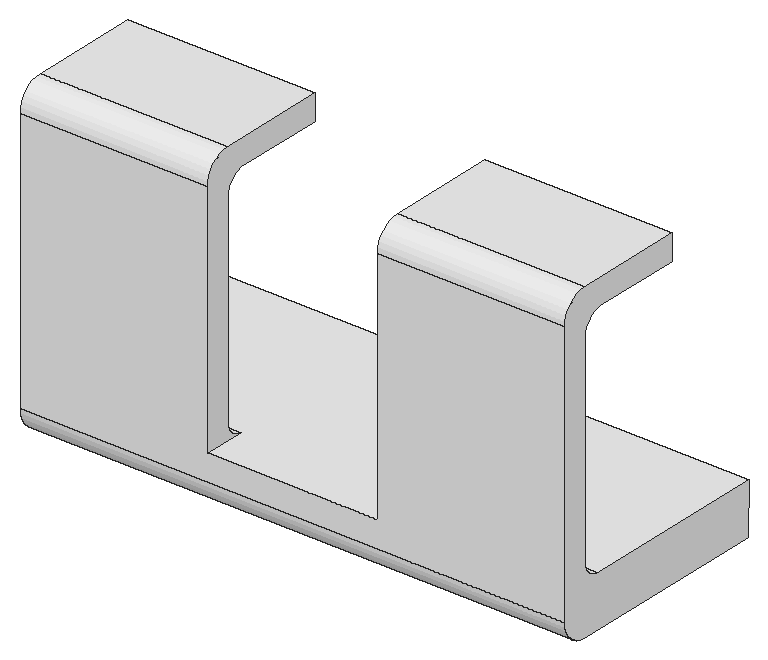
Revit family "Robe_Hook-Delta-Vero-Double", category Furniture, host Face, Revit 2012
Parameters (values of type "Chrome")
  z Width = 4.000"  # constant formula
  z Type = 1
  z Offset = 0.000"  # constant formula
  z Height = 2.313"  # constant formula
  z Depth = 1.688"  # constant formula
  Width = z Width  # 4.000"
  URL = "http://www.deltafaucet.com/index.html"
  Product Page URL = "http://www.deltafaucet.com/bath/details/77736.html"
  Product Material = Chrome - Delta - Polished
  Product Documentation Link = "http://www.deltafaucet.com/media/SpecSheet/DSP-A-77736_Rev_C.pdf"
  Part Number [instance] = Model  # "77736"
  Part Description [instance] = Description  # "Vero Double Robe Hook, Chrome"
  Model Disclaimer = "Contact Delta Faucet Company for More Information"  # constant formula
  Model = if(z Type = 1, "77736", if(z Type = 2, "77736-CZ", if(z Type = 3, "77736-RB", if(z Type = 4, "77736-SS", "Not Available"))))  # "77736"
  Manufacturer = "Delta Faucet Company"  # constant formula
  Height = z Height  # 2.313"
  Family Version = "1.0"  # constant formula
  Equipment Number [instance] = ""
  Equipment Abbreviation = "RH"
  Description = if(z Type = 1, "Vero Double Robe Hook, Chrome", if(z Type = 2, "Vero Double Robe Hook, Champagne Bronze", if(z Type = 3, "Vero Double Robe Hook, Venetian Bronze", if(z Type = 4, "Vero Double Robe Hook, Stainless", "Not Available"))))  # "Vero Double Robe Hook, Chrome"
  Depth = z Depth  # 1.688"
  Default Elevation = 48.000"
  Date Modified = "July 17, 2015"  # constant formula
  Date Created = "July 17, 2015"  # constant formula
  Copyright = "Copyright ©2015 Delta Faucet Company"  # constant formula
Types (5): name | z Type | Product Page URL | Product Material | Part Number | Part Description | Model | Description
  (no name) | 1 | "http://www.deltafaucet.com/bath/details/77736.html" | Chrome - Delta - Polished | "77736" | "Vero Double Robe Hook, Chrome" | "77736" | "Vero Double Robe Hook, Chrome"
  Chrome | 1 | "http://www.deltafaucet.com/bath/details/77736.html" | Chrome - Delta - Polished | "77736" | "Vero Double Robe Hook, Chrome" | "77736" | "Vero Double Robe Hook, Chrome"
  Champagne Bronze | 2 | "http://www.deltafaucet.com/bath/details/77736-cz.html" | Bronze - Delta - Champagne | "77736-CZ" | "Vero Double Robe Hook, Champagne Bronze" | "77736-CZ" | "Vero Double Robe Hook, Champagne Bronze"
  Venetian Bronze | 3 | "http://www.deltafaucet.com/bath/details/77736-rb.html" | Bronze - Delta - Venetian | "77736-RB" | "Vero Double Robe Hook, Venetian Bronze" | "77736-RB" | "Vero Double Robe Hook, Venetian Bronze"
  Stainless | 4 | "http://www.deltafaucet.com/bath/details/77736-ss.html" | Stainless Steel - Delta - Polished | "77736-SS" | "Vero Double Robe Hook, Stainless" | "77736-SS" | "Vero Double Robe Hook, Stainless"
Reference planes (in)
  plane 1 "Center (Front/Back)": y = 0
  plane 2 "Center (Elevation)": z = 0
  plane 3 "Center (Left/Right)": x = 0
  plane 4: x = -2
  plane 5: x = 2
  plane 6: y = 0.844
  plane 7: y = -0.844
  plane 8: z = 0
  plane 9: z = 2.313
  plane 10: x = -0.625
  plane 11: x = 0.625
  plane 12: y = -0.659
  plane 13: z = 2.128
  plane 14: y = 0.144
  plane 15: z = 0.38
  plane 16: y = -0.509
  plane 17: z = 0.185
Forms (in)
  Extrusion 1, solid, material "Chrome - Delta - Polished" <- "Product Material"
    sketch origin (0, 0, 0) x (0, 1, 0) y (0, 0, 1)
      loop
        arc (-0.659, 2.313) -> (-0.78981, 2.25881) -> (-0.844, 2.128) r 0.185
        line (-0.844, 2.128) -> (-0.844, 0.185)
        arc (-0.844, 0.185) -> (-0.78981, 0.05419) -> (-0.659, 0) r 0.185
        line (-0.659, 0) -> (0.844, 0) -> (0.844, 0.38) -> (-0.53835, 0.38)
        arc (-0.53835, 0.38) -> (-0.62366, 0.41534) -> (-0.659, 0.50065) r 0.12065
        line (-0.659, 0.50065) -> (-0.659, 1.978)
        arc (-0.659, 1.978) -> (-0.61507, 2.08407) -> (-0.509, 2.128) r 0.15
        line (-0.509, 2.128) -> (0.144, 2.128) -> (0.144, 2.313) -> (-0.659, 2.313)
    from -2 to 2
  Extrusion 2, void, detail levels medium
    sketch origin (0, 0, 0) x (1, 0, 0) y (0, 0, 1)
      loop
        line (-0.625, 2.313) -> (-0.625, 0.38) -> (0.625, 0.38) -> (0.625, 2.313) -> (-0.625, 2.313)
    from -0.844 to 0.844
Cuts and joins
  Extrusion 2 cuts Extrusion 1
Lines and regions (in)
  Masking region 1, detail levels coarse+medium
    outline origin (0, 0, 0) x (1, 0, 0) y (0, 0, 1)
      loop
        line (-2, 2.313) -> (-2, 0) -> (2, 0) -> (2, 2.313) -> (-2, 2.313)
  Masking region 2, detail levels fine
    outline origin (0, 0, 0) x (1, 0, 0) y (0, 0, 1)
      loop
        line (-2, 0) -> (2, 0) -> (2, 2.313) -> (0.625, 2.313) -> (0.625, 0.38) -> (-0.625, 0.38) -> (-0.625, 2.313) -> (-2, 2.313) -> (-2, 0)
  symbolic lines, detail levels fine
    curve 1: line (-2, 0, 2.128) -> (-0.625, 0, 2.128)
    curve 2: line (0.625, 0, 2.128) -> (2, 0, 2.128)
    curve 3: line (-2, 0, 0.38) -> (-0.625, 0, 0.38)
    curve 4: line (0.625, 0, 0.38) -> (2, 0, 0.38)
Dimensions and locks (in)
  equal spacing: plane 4, plane 3 "Center (Left/Right)", plane 5
  "z Width": plane 4 to plane 5
  equal spacing: plane 7, plane 1 "Center (Front/Back)", plane 6
  "z Depth": plane 7 to plane 6
  "z Height": plane 9 to plane 8
  "z Offset": plane 8 to plane 2 "Center (Elevation)"
  Extrusion 1 sketch curve to Extrusion 1 sketch curve to plane 1 "Center (Front/Back)" = 0.02935" locked, 0.509" locked
  Extrusion 1 sketch curve to Extrusion 1 sketch curve to plane 8 = 1.47735" locked, 0.50065" locked
  locked: plane 14 to plane 6 at 0.7
  plane 7 to plane 12 to plane 16 = 0.185" locked, 0.150" locked
  locked: plane 4 to plane 10 at 1.375
  locked: plane 11 to plane 5 at 1.375
  locked: plane 9 to plane 13 at 0.185
  plane 15 to plane 17 to plane 8 = 0.195" locked, 0.185" locked
  aligned and locked: plane 2 "Center (Elevation)" to host face
  aligned and locked: level to host face
  aligned and locked: Extrusion 1 sketch curve to plane 9
  aligned and locked: plane 14 to Extrusion 1 sketch curve
  aligned and locked: Extrusion 1 sketch curve to plane 7
  aligned and locked: plane 13 to Extrusion 1 sketch curve  (x2)
  aligned and locked: plane 12 to Extrusion 1 sketch curve  (x3)
  aligned and locked: plane 8 to Extrusion 1 sketch curve
  aligned and locked: plane 6 to Extrusion 1 sketch curve
  aligned and locked: Extrusion 1 sketch curve to plane 15
  aligned and locked: plane 17 to Extrusion 1 sketch curve
  aligned and locked: Extrusion 1 to plane 4
  aligned and locked: plane 5 to Extrusion 1
  aligned and locked: Extrusion 2 sketch curve to plane 9
  aligned and locked: plane 15 to Extrusion 2 sketch curve
  aligned and locked: Extrusion 2 sketch curve to plane 11
  aligned and locked: plane 10 to Extrusion 2 sketch curve
  aligned and locked: Extrusion 2 to plane 6
  aligned and locked: plane 7 to Extrusion 2
  aligned and locked: Masking region 1 sketch curve to plane 9
  aligned and locked: Masking region 1 sketch curve to plane 5
  aligned and locked: plane 4 to Masking region 1 sketch curve
  aligned and locked: plane 8 to Masking region 1 sketch curve
  aligned and locked: plane 4 to Masking region 2 sketch curve
  aligned and locked: Masking region 2 sketch curve to plane 10
  aligned and locked: plane 11 to Masking region 2 sketch curve
  aligned and locked: Masking region 2 sketch curve to plane 5
  aligned and locked: plane 8 to Masking region 2 sketch curve
  aligned and locked: Masking region 2 sketch curve to plane 9  (x2)
  aligned and locked: Masking region 2 sketch curve to plane 15
  aligned and locked: plane 4 to curve 1
  aligned and locked: plane 4 to curve 3
  aligned and locked: plane 10 to curve 1
  aligned and locked: plane 10 to curve 3
  aligned and locked: plane 11 to curve 2
  aligned and locked: plane 11 to curve 4
  aligned and locked: plane 5 to curve 2
  aligned and locked: plane 5 to curve 4
  aligned and locked: curve 2 to plane 13
  aligned and locked: curve 1 to plane 13
  aligned and locked: curve 4 to plane 15
  aligned and locked: curve 3 to plane 15
Automatic sketch dimensions
  host sketch curve to host sketch curve = 1.21168"
  host sketch curve to host sketch curve = 1.49321"
